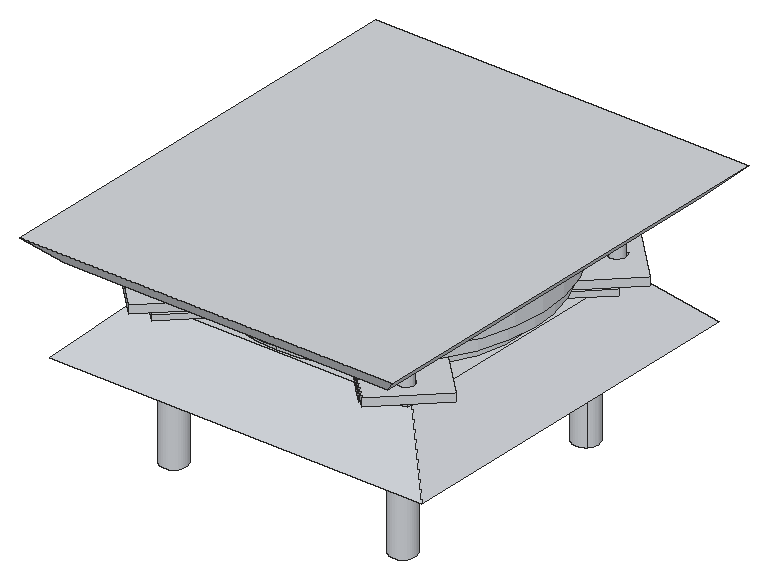
Revit family "KCK_GOI CHAU", category Generic Models, Revit 2027
Family settings
  Can host rebar = No
  Round Connector Dimension = Use Diameter
  Part Type = Normal
  Work Plane-Based = No
  Always vertical = Yes
  Cut with Voids When Loaded = No
  Maintain Annotation Orientation = No
  Shared = No
  Room Calculation Point = No
Parameters (values of type "KCK_GOI CHAU_1D-2")
  Đơn vị = "CẤU KIỆN"
  Tên nhóm cấu kiện [instance] = ""
  Tên cấu kiện [instance] = ""
  Tên công trình [instance] = ""
  Thời gian kết thúc [instance] = ""
  Thời gian bắt đầu [instance] = ""
  RebarVolumn [instance] = ""
  Nhóm cấu kiện = "GỐI CẦU"
  Mô tả [instance] = ""
  Model Material = none
  Loại cấu kiện = "GỐI CHẬU"
  Khối lượng bê tông [instance] = 0.00 m³
  Keynote = ""
  Hạng mục = "KẾT CẤU KHÁC"
  Giá trị [instance] = ""
  GOI_2 HUONG = yes
  GOI_1 HUONG = no
  GOI_H3 = 50 mm
  GOI_H1 = 50 mm
  GOI_L = 550 mm
  GOI_W = 550 mm
  R2 [instance] = 321 mm
  R1 [instance] = GOI_W / 2 - 5 mm  # 270 mm
  GOI_LO DUC BULONG_R [instance] = 18 mm
  Diện tích ván khuôn [instance] = 0.00 m²
  DKG_W_Top [instance] = 0 mm
  DKG_Mo rong day [instance] = 0 mm
  DKG_L_Top [instance] = 0 mm
  DKG_L_Tim_Mep [instance] = 0 mm
  DKG_H [instance] = 0 mm
  DELTA 3 [instance] = 100 mm
  DELTA 2 [instance] = 143 mm
  Công trình = "CẦU"
  Cao độ đá kê gối [instance] = ""
  BAN THEP 2_L [instance] = DELTA 2 * 2 + R1 * 2  # 826 mm
  BAN THEP 1_L [instance] = DELTA 1 * 2 + R1 * 2  # 740 mm
  GOI_H2 = 100 mm
  Default Elevation = 0 mm
  DELTA 1 [instance] = 100 mm
  BAN THEP_W [instance] = 150 mm
  B = 797 mm
  A100 [instance] = ""
  A = 652 mm
Types (4, lengths in mm): name | Đơn vị | Nhóm cấu kiện | Loại cấu kiện | Keynote | Hạng mục | GOI_2 HUONG | GOI_1 HUONG | GOI_H3 | GOI_H1 | GOI_L | GOI_W | R1 | Công trình | BAN THEP 2_L | BAN THEP 1_L | GOI_H2 | B | A
  KCK_GOI CHAU_2D-1 | "" | "" | "" | "" | "" | no | yes | 50 | 50 | 765 | 620 | 305 | "" | 896 | 810 | 201 | 797 | 652
  KCK_GOI CHAU_1D-1 | "" | "" | "ĐÁ KÊ GỐI" | "01000" | "" | yes | no | 35 | 25 | 450 | 450 | 220 | "" | 726 | 640 | 100 | 500 | 500
  KCK_GOI CHAU_2D-2 | "" | "" | "" | "" | "" | no | yes | 30 | 50 | 820 | 760 | 375 | "" | 1036 | 950 | 220 | 797 | 652
  KCK_GOI CHAU_1D-2 | "CẤU KIỆN" | "GỐI CẦU" | "GỐI CHẬU" | "" | "KẾT CẤU KHÁC" | yes | no | 50 | 50 | 550 | 550 | 270 | "CẦU" | 826 | 740 | 100 | 797 | 652
Reference planes
  plane 1 "Center (Front/Back)": y = 0
  plane 2: z = 0
  plane 3 "Center (Left/Right)": x = 0
  plane 4: x = -375
  plane 5: x = 375
  plane 6: y = 375
  plane 7: y = -550
  plane 8: x = -275
  plane 9: x = 275
  plane 10: y = 275
  plane 11: y = -500
  plane 12: z = 50
  plane 13: z = 150
  plane 14: z = 200
  plane 15: x = -376
  plane 16: x = 376
  plane 17: y = 448.5
  plane 18: y = -448.5
  plane 19: y = 398.5
  plane 20: y = -398.5
  plane 21: x = -326
  plane 22: x = 326
  plane 23: z = 65
  plane 24: z = 98
  plane 25: z = 113
  plane 26: y = 321
  plane 27: x = -321
  plane 28: z = 39
  plane 29: y = 305
  plane 30: y = 256
  plane 31: z = 81
  plane 32: y = 250
  plane 33: y = -250
  plane 34: through (0, 0, 1200) normal (-0.7071, 0.7071, 0)
  plane 35: through (-261.63, 261.63, 1200) normal (-0.7071, 0.7071, 0)
  plane 36: through (261.63, -261.63, 1200) normal (-0.7071, 0.7071, 0)
  plane 37: through (3.033, 93.033, 1200) normal (-0.7071, -0.7071, 0)
  plane 38: through (-113.033, -3.033, 1200) normal (-0.7071, -0.7071, 0)
  plane 39: through (-53.033, 53.033, 1200) normal (-0.7071, 0.7071, 0)
  plane 40: through (53.033, -53.033, 1200) normal (-0.7071, 0.7071, 0)
  plane 41: through (-5, -5, 1200) normal (0.7071, 0.7071, 0)
  plane 42: through (256.63, 256.63, 1200) normal (0.7071, 0.7071, 0)
  plane 43: through (-266.63, -266.63, 1200) normal (0.7071, 0.7071, 0)
  plane 44: through (0, 0, 1200) normal (0.7071, 0.7071, 0)
  plane 45: through (-310.079, -273.991, 1200) normal (0.7071, 0.7071, 0)
  plane 46: through (273.991, 310.079, 1200) normal (0.7071, 0.7071, 0)
  plane 47: through (-89.076, 185.142, 1200) normal (0.7071, 0.7071, 0)
  plane 48: through (-195.142, 79.076, 1200) normal (0.7071, 0.7071, 0)
  plane 49: through (-142.886, -36.82, 1200) normal (-0.7071, 0.7071, 0)
  plane 50: through (-36.82, -142.886, 1200) normal (-0.7071, 0.7071, 0)
  plane 51: through (0, 0, 1200) normal (-0.7071, 0.7071, 0)
  plane 52: through (0, 0, 1200) normal (-0.7071, 0.7071, 0)
  plane 53: through (-292.035, 292.035, 1200) normal (-0.7071, 0.7071, 0)
  plane 54: through (292.035, -292.035, 1200) normal (-0.7071, 0.7071, 0)
  plane 55: through (-6.967, -3.033, 1200) normal (-0.7071, -0.7071, 0)
  plane 56: through (-60, -56.066, 1200) normal (-0.7071, -0.7071, 0)
  plane 57: through (46.066, 50, 1200) normal (-0.7071, -0.7071, 0)
  plane 58: through (-231.224, 231.224, 1200) normal (-0.7071, 0.7071, 0)
  plane 59: through (231.224, -231.224, 1200) normal (-0.7071, 0.7071, 0)
  plane 60: through (226.224, 226.224, 1200) normal (-0.7071, -0.7071, 0)
  plane 61: through (-236.224, -236.224, 1200) normal (-0.7071, -0.7071, 0)
  plane 62: through (-325.05, -198.209, 1200) normal (0.7071, 0.7071, 0)
  plane 63: through (-320.165, -316.231, 1200) normal (-0.7071, 0.7071, 0)
  plane 64: through (198.209, 325.05, 1200) normal (0.7071, 0.7071, 0)
  plane 65: through (-198.209, 325.05, 1200) normal (0.7071, -0.7071, 0)
  plane 66: through (313.198, -323.198, 1200) normal (-0.7071, -0.7071, 0)
  plane 67: through (273.927, -249.332, 1200) normal (0.7071, -0.7071, 0)
  plane 68: y = -275
  plane 69: y = -375
  plane 70: z = 0
  plane 71: through (-273.701, 249.558, 1200) normal (0.7071, -0.7071, 0)
  plane 72: through (259.663, 263.597, 1200) normal (0.7071, 0.7071, 0)
  plane 73: z = 150
  plane 74: z = -50
  plane 75: z = 165
Forms (mm)
  Blend 1, solid
    base sketch origin (0, 0, 0) x (1, 0, 0) y (0, 1, 0)
      loop
        line (-375, 375) -> (-375, -375) -> (375, -375) -> (375, 375) -> (-375, 375)
    top sketch origin (0, 0, 0) x (1, 0, 0) y (0, 1, 0)
      loop
        line (-275, 275) -> (-275, -275) -> (275, -275) -> (275, 275) -> (-275, 275)
    from -50 to 50
  Blend 2, solid
    base sketch origin (-995.952, -1524, 150) x (-1, 0, 0) y (0, -1, 0)
      loop
        line (-669.952, -1922.5) -> (-669.952, -1125.5) -> (-1321.952, -1125.5) -> (-1321.952, -1922.5) -> (-669.952, -1922.5)
    top sketch origin (-995.952, -1524, 150) x (-1, 0, 0) y (0, -1, 0)
      loop
        line (-619.952, -1972.5) -> (-619.952, -1075.5) -> (-1371.952, -1075.5) -> (-1371.952, -1972.5) -> (-619.952, -1972.5)
    from 0 to 50
  Revolve 3, solid
    sketch origin (0, 0, 0) x (0, 1, 0) y (0, 0, 1)
      loop
        line (270, 50) -> (270, 65) -> (256, 65) -> (256, 98) -> (0, 98) -> (0, 50) -> (270, 50)
      axis (0, 98) -> (0, 50)
    angle from 0 to 360
  Revolve 4, solid
    sketch origin (0, 0, 0) x (0, 1, 0) y (0, 0, 1)
      loop
        line (0, 150) -> (0, 113) -> (321, 113) -> (321, 150) -> (0, 150)
      axis (0, 150) -> (0, 113)
    angle from 0 to 360
  Revolve 5, solid
    sketch origin (0, 0, 0) x (0, 1, 0) y (0, 0, 1)
      loop
        line (0, 39) -> (256, 39) -> (256, 98) -> (0, 98) -> (0, 39)
      axis (0, 39) -> (0, 98)
    angle from 0 to 360
  Revolve 6, solid
    sketch origin (0, 0, 0) x (0, 1, 0) y (0, 0, 1)
      loop
        line (305, 113) -> (0, 113) -> (0, 39) -> (256, 39) -> (256, 81) -> (305, 81) -> (305, 113)
      axis (0, 113) -> (0, 39)
    angle from 0 to 360
  Extrusion 7, solid
    sketch origin (0, 510.623, 50) x (0, 1, 0) y (-1, 0, 0)
      loop
        line (-724.22, -309.663) -> (-200.961, 213.597) -> (-307.027, 319.663) -> (-830.286, -203.597) -> (-724.22, -309.663)
    from 0 to 11.727
  Extrusion 8, solid
    sketch origin (0, 510.623, 50) x (0, 1, 0) y (-1, 0, 0)
      loop
        line (-724.22, 319.663) -> (-830.286, 213.597) -> (-307.027, -309.663) -> (-200.961, -203.597) -> (-724.22, 319.663)
    from 0 to 11.727
  Extrusion 9, solid
    sketch origin (0, 510.623, 65) x (0, 1, 0) y (-1, 0, 0)
      loop
        line (-165.555, -239.002) -> (-749.625, 345.068) -> (-855.691, 239.002) -> (-271.621, -345.068) -> (-165.555, -239.002)
    from 0 to 16
  Extrusion 10, solid
    sketch origin (0, 510.623, 65) x (0, 1, 0) y (-1, 0, 0)
      loop
        line (-754.625, -340.068) -> (-170.555, 244.002) -> (-276.621, 350.068) -> (-860.691, -234.002) -> (-754.625, -340.068)
    from 0 to 16
  Extrusion 11, void
    sketch origin (0, 510.623, 65) x (-1, 0, 0) y (0, 1, 0)
      loop
        circle (236.224, -284.399) r 18
    from 3.273 to 15
  Extrusion 12, void
    sketch origin (0, 510.623, 65) x (-1, 0, 0) y (0, 1, 0)
      loop
        circle (-226.224, -284.399) r 18
    from 3.273 to 15
  Extrusion 13, void
    sketch origin (-510.623, 0, 65) x (0, -1, 0) y (-1, 0, 0)
      loop
        circle (236.224, -274.399) r 18
    from 3.273 to 15
  Extrusion 14, void
    sketch origin (0, 510.623, 65) x (-1, 0, 0) y (0, 1, 0)
      loop
        circle (263.597, -770.286) r 18
    from -16 to 0
  Extrusion 15, void
    sketch origin (-510.623, 0, 65) x (0, -1, 0) y (-1, 0, 0)
      loop
        circle (-263.597, -770.286) r 18
    from -16 to 0
  Extrusion 16, void
    sketch origin (0, 510.623, 65) x (-1, 0, 0) y (0, 1, 0)
      loop
        circle (266.63, -253.994) r 18
    from -16 to 0
  Extrusion 17, void
    sketch origin (0, 510.623, 65) x (-1, 0, 0) y (0, 1, 0)
      loop
        circle (-256.63, -777.253) r 18
    from -16 to 0
  Extrusion 18, void
    sketch origin (-31.82, 542.443, 65) x (-1, 0, 0) y (0, 1, 0)
      loop
        circle (-258.044, -778.667) r 18
    from 3.273 to 15
Cuts and joins
  Extrusion 11, Extrusion 12, Extrusion 13, Extrusion 14, Extrusion 15, Extrusion 16, Extrusion 17, Extrusion 18 cuts Revolve 3
  Extrusion 11, Extrusion 12, Extrusion 13, Extrusion 14, Extrusion 15, Extrusion 16, Extrusion 17, Extrusion 18 cuts Revolve 4
  Extrusion 11, Extrusion 12, Extrusion 13, Extrusion 14, Extrusion 15, Extrusion 16, Extrusion 17, Extrusion 18 cuts Revolve 6
  Extrusion 11, Extrusion 12, Extrusion 13, Extrusion 14, Extrusion 15, Extrusion 16, Extrusion 17, Extrusion 18 cuts Extrusion 7
  Extrusion 11, Extrusion 12, Extrusion 13, Extrusion 14, Extrusion 15, Extrusion 16, Extrusion 17, Extrusion 18 cuts Extrusion 8
  Extrusion 11, Extrusion 12, Extrusion 13, Extrusion 14, Extrusion 15, Extrusion 16, Extrusion 17, Extrusion 18 cuts Extrusion 9
  Extrusion 11, Extrusion 12, Extrusion 13, Extrusion 14, Extrusion 15, Extrusion 16, Extrusion 17, Extrusion 18 cuts Extrusion 10
  joined: Revolve 3, Revolve 4, Revolve 6, Extrusion 7, Extrusion 8, Extrusion 9, Extrusion 10
  Extrusion 11, Extrusion 12, Extrusion 13, Extrusion 14, Extrusion 15, Extrusion 16, Extrusion 17, Extrusion 18 cuts Blend 1
Dimensions and locks
  equal spacing: plane 8, plane 3 "Center (Left/Right)", plane 9
  "GOI_W": plane 8 to plane 9
  equal spacing: plane 10, plane 1 "Center (Front/Back)", plane 68
  "GOI_L": plane 10 to plane 68
  "DELTA 3": plane 4 to plane 8
  "DELTA 3": plane 9 to plane 5
  "GOI_H1": plane 7 to plane 11
  "DELTA 3": plane 6 to plane 10
  "GOI_H1": plane 12 to level
  "GOI_H2": plane 13 to plane 12
  "GOI_H3": plane 14 to plane 13
  locked: plane 15 to plane 21 at 50
  locked: plane 22 to plane 16 at 50
  locked: plane 17 to plane 19 at 50
  locked: plane 18 to plane 20 at 50
  equal spacing: plane 19, plane 1 "Center (Front/Back)", plane 20
  "B": plane 20 to plane 19
  equal spacing: plane 21, plane 3 "Center (Left/Right)", plane 22
  "A": plane 21 to plane 22
  "R1": Revolve 3 sketch curve to Revolve 3 sketch curve
  "R2": plane 26 to plane 1 "Center (Front/Back)"
  "R2": Revolve 4 sketch curve to Revolve 4 sketch curve
  locked: plane 13 to plane 25 at 37
  Revolve 6 sketch curve to Revolve 6 sketch curve = 74 mm
  locked: plane 25 to plane 28 at 74
  locked: plane 31 to plane 25 at 32
  locked: plane 23 to plane 31 at 16
  locked: plane 24 to plane 12 at 48
  equal spacing: plane 35, plane 34, plane 36
  "BAN THEP 1_L": plane 35 to plane 36
  "BAN THEP_W": plane 38 to plane 37
  equal spacing: plane 39, plane 34, plane 40
  "BAN THEP_W": plane 39 to plane 40
  equal spacing: plane 37, plane 41, plane 38
  equal spacing: plane 42, plane 41, plane 43
  "BAN THEP 1_L": plane 42 to plane 43
  equal spacing: plane 46, plane 44, plane 45
  "BAN THEP 2_L": plane 46 to plane 45
  equal spacing: plane 49, plane 51, plane 50
  "BAN THEP_W": plane 49 to plane 50
  equal spacing: plane 56, plane 55, plane 57
  "BAN THEP_W": plane 56 to plane 57
  equal spacing: plane 53, plane 52, plane 54
  "BAN THEP 2_L": plane 54 to plane 53
  locked: plane 35 to plane 58 at 43
  locked: plane 42 to plane 60 at 43
  locked: plane 43 to plane 61 at 43
  locked: plane 62 to plane 45 at 43
  plane 64 to plane 46 = 43 mm
  locked: plane 65 to plane 53 at 43
  locked: plane 36 to plane 59 at 43
  locked: plane 54 to plane 67 at 43
  "DELTA 3": plane 68 to plane 69
  locked: plane 71 to plane 53 at 43
  locked: plane 46 to plane 72 at 43
  locked: plane 14 to plane 73 at 50
  "DELTA 3": plane 12 to plane 74
  aligned and locked: level to plane 2
  aligned and locked: Blend 1 sketch curve to plane 6
  aligned and locked: plane 4 to Blend 1 sketch curve
  aligned and locked: plane 5 to Blend 1 sketch curve
  aligned and locked: Blend 1 sketch curve to plane 10
  aligned and locked: plane 8 to Blend 1 sketch curve
  aligned and locked: plane 9 to Blend 1 sketch curve
  aligned and locked: plane 12 to Blend 1
  aligned and locked: Blend 2 sketch curve to plane 19
  aligned and locked: plane 21 to Blend 2 sketch curve
  aligned and locked: Blend 2 sketch curve to plane 20
  aligned and locked: plane 22 to Blend 2 sketch curve
  aligned and locked: Blend 2 sketch curve to plane 17
  aligned and locked: plane 15 to Blend 2 sketch curve
  aligned and locked: Blend 2 sketch curve to plane 18
  aligned and locked: plane 16 to Blend 2 sketch curve
  aligned and locked: plane 14 to Blend 2
  aligned and locked: Blend 2 to plane 13
  aligned and locked: Blend 1 to Revolve 3 sketch curve
  aligned and locked: Revolve 3 sketch curve to plane 23
  aligned and locked: Revolve 4 sketch curve to plane 13
  aligned and locked: plane 25 to Revolve 4 sketch curve
  aligned and locked: Revolve 4 sketch curve to plane 1 "Center (Front/Back)"
  aligned and locked: Revolve 5 sketch curve to plane 28
  aligned and locked: plane 29 to Revolve 6 sketch curve
  aligned and locked: plane 30 to Revolve 3 sketch curve
  aligned and locked: plane 30 to Revolve 6 sketch curve
  aligned and locked: Revolve 5 sketch curve to plane 30
  aligned and locked: Revolve 6 sketch curve to plane 25
  aligned and locked: plane 31 to Revolve 6 sketch curve
  aligned and locked: plane 24 to Revolve 5 sketch curve
  aligned and locked: Extrusion 7 sketch curve to plane 35
  aligned and locked: Extrusion 7 sketch curve to plane 36
  aligned and locked: Extrusion 7 sketch curve to plane 37
  aligned and locked: Extrusion 7 sketch curve to plane 38
  aligned and locked: Extrusion 7 to Blend 1
  aligned and locked: Extrusion 8 sketch curve to plane 39
  aligned and locked: Extrusion 8 sketch curve to plane 40
  aligned and locked: Extrusion 8 sketch curve to plane 43
  aligned and locked: Extrusion 8 sketch curve to plane 42
  aligned and locked: Extrusion 8 to Extrusion 7
  aligned and locked: Extrusion 7 to Revolve 3
  aligned and locked: Extrusion 9 sketch curve to plane 49
  aligned and locked: Extrusion 9 sketch curve to plane 50
  aligned and locked: Extrusion 9 sketch curve to plane 45
  aligned and locked: Extrusion 9 sketch curve to plane 46
  aligned and locked: Extrusion 10 sketch curve to plane 57
  aligned and locked: Extrusion 10 sketch curve to plane 56
  aligned and locked: Extrusion 10 sketch curve to plane 54
  aligned and locked: Extrusion 10 sketch curve to plane 53
  aligned and locked: Extrusion 9 to plane 23
  aligned and locked: Extrusion 9 to Revolve 6
  aligned and locked: Extrusion 10 to plane 23
  aligned and locked: Extrusion 10 to Revolve 6
  aligned and locked: Extrusion 11 to Blend 1
  aligned and locked: cut or joined group 1 (Revolve 3, Revolve 4, Revolve 6, Extrusion 7, Extrusion 8, Extrusion 9, Extrusion 10, Extrusion 11, Extrusion 12, Extrusion 13, Extrusion 14, Extrusion 15, Extrusion 16, Extrusion 17, Extrusion 18) to Extrusion 11
  aligned and locked: cut or joined group 1 to cut or joined group 1  (x2)
  aligned and locked: Extrusion 13 to Revolve 3
  aligned and locked: Extrusion 7 to Extrusion 12
  aligned and locked: Extrusion 12 to Revolve 3
  aligned and locked: Extrusion 7 to Extrusion 13  (x2)
  aligned and locked: Extrusion 11 to cut or joined group 1
  aligned and locked: Revolve 6 to Extrusion 14
  aligned and locked: Extrusion 14 to Revolve 3
  aligned and locked: Revolve 6 to Extrusion 15
  aligned and locked: Extrusion 15 to Revolve 3
  aligned and locked: Revolve 6 to Extrusion 16
  aligned and locked: Extrusion 16 to Revolve 3
  aligned and locked: Extrusion 9 to Extrusion 17  (x2)
  aligned and locked: Extrusion 7 to Extrusion 18
  aligned and locked: Extrusion 18 to Revolve 3
  aligned and locked: nested 1 to plane 62
  aligned and locked: nested 2 to plane 65
  aligned and locked: nested 3 to plane 64
  aligned and locked: nested 4 to plane 67
  aligned and locked: nested 5 to cut or joined group 1
  aligned and locked: nested 5 to plane 61
  aligned and locked: nested 6 to cut or joined group 1  (x2)
  aligned and locked: nested 6 to plane 58
  aligned and locked: plane 60 to nested 7
  aligned and locked: plane 59 to nested 8
  aligned and locked: plane 69 to Blend 1 sketch curve
  aligned and locked: plane 68 to Blend 1 sketch curve
  aligned and locked: nested 9 to plane 58
  aligned and locked: nested 10 to plane 60
  aligned and locked: nested 11 to plane 59
  aligned and locked: nested 12 to plane 61
  aligned and locked: nested 7 to cut or joined group 1  (x2)
  aligned and locked: nested 8 to cut or joined group 1  (x2)
  aligned and locked: nested 1 to cut or joined group 1
  aligned and locked: nested 4 to cut or joined group 1
  aligned and locked: nested 3 to cut or joined group 1
  aligned and locked: nested 2 to cut or joined group 1
  aligned and locked: cut or joined group 1 to nested 5
  aligned and locked: cut or joined group of Blend 1, Extrusion 11, Extrusion 12, Extrusion 13, Extrusion 14, Extrusion 15, Extrusion 16, Extrusion 17, Extrusion 18 to plane 74
  aligned and locked: level to nested 9
  aligned and locked: level to nested 10
  aligned and locked: level to nested 12
  aligned and locked: level to nested 11
  aligned and locked: nested 9 to level
  aligned and locked: nested 10 to level
  aligned and locked: nested 12 to level
  aligned and locked: nested 11 to level
  aligned and locked: plane 75 to nested 1
  aligned and locked: plane 75 to nested 4
  aligned and locked: plane 75 to nested 2
  aligned and locked: plane 75 to nested 3
Automatic sketch dimensions
  Revolve 5 sketch curve to plane 1 "Center (Front/Back)" = 0 mm  (x2)
  Revolve 5 sketch curve to plane 24 = 0 mm
  Revolve 5 sketch curve to plane 28 = 0 mm
  Revolve 6 sketch curve to plane 1 "Center (Front/Back)" = 0 mm  (x2)
  Revolve 6 sketch curve to plane 28 = 0 mm
  Revolve 6 sketch curve to plane 25 = 0 mm
  Extrusion 11 sketch curve to plane 41 = 0 mm
  Extrusion 11 sketch curve to plane 58 = 0 mm
  plane 34 to Extrusion 12 sketch curve = 0 mm
  Extrusion 12 sketch curve to plane 60 = 0 mm
  Extrusion 13 sketch curve to plane 34 = 0 mm
  plane 61 to Extrusion 13 sketch curve = 0 mm
  Extrusion 14 sketch curve to plane 62 = 0 mm
  Extrusion 14 sketch curve to plane 63 = 0 mm
  plane 63 to Extrusion 15 sketch curve = 0 mm
  plane 64 to Extrusion 15 sketch curve = 0 mm
  Extrusion 16 sketch curve to plane 41 = 0 mm
  plane 65 to Extrusion 16 sketch curve = 0 mm
  plane 41 to Extrusion 17 sketch curve = 0 mm
  plane 67 to Extrusion 17 sketch curve = 0 mm
  plane 41 to Extrusion 18 sketch curve = 0 mm
  plane 59 to Extrusion 18 sketch curve = 0 mm
  Revolve 3 sketch curve to plane 1 "Center (Front/Back)" = 0 mm  (x2)
  Revolve 3 sketch curve to plane 12 = 0 mm
  Revolve 3 sketch curve to plane 24 = 0 mm
  plane 23 to Revolve 3 sketch curve = 5 mm
  Revolve 4 sketch curve to plane 1 "Center (Front/Back)" = 0 mm
  Revolve 4 sketch curve to plane 25 = 0 mm
  Revolve 4 sketch curve to plane 13 = 0 mm
  radius of Extrusion 11 sketch curve = 18 mm
  radius of Extrusion 12 sketch curve = 18 mm
  radius of Extrusion 13 sketch curve = 18 mm
  radius of Extrusion 14 sketch curve = 18 mm
  radius of Extrusion 15 sketch curve = 18 mm
  radius of Extrusion 16 sketch curve = 18 mm
  radius of Extrusion 17 sketch curve = 18 mm
  radius of Extrusion 18 sketch curve = 18 mm
Nested families
  nested 1: "KCK_GOI CHAU_BULONG" at (-263.5, -259.759, 57.876) x (-0.7071, 0.7071, 0) z (0, 0, 1), type "KCK_GOI CHAU_BULONG"
    with TREN yes, R 14 mm, H2 100 mm, H1 150 mm, DUOI no
  nested 2: "KCK_GOI CHAU_BULONG" at (-266.723, 256.536, 57.876) x (-0.7071, 0.7071, 0) z (0, 0, 1), type "KCK_GOI CHAU_BULONG"
    with TREN yes, R 14 mm, H2 100 mm, H1 150 mm, DUOI no
  nested 3: "KCK_GOI CHAU_BULONG" at (259.396, 263.863, 57.876) x (-0.7071, 0.7071, 0) z (0, 0, 1), type "KCK_GOI CHAU_BULONG"
    with TREN yes, R 14 mm, H2 100 mm, H1 150 mm, DUOI no
  nested 4: "KCK_GOI CHAU_BULONG" at (256.583, -266.676, 57.876) x (-0.7071, 0.7071, 0) z (0, 0, 1), type "KCK_GOI CHAU_BULONG"
    with TREN yes, R 14 mm, H2 100 mm, H1 150 mm, DUOI no
  nested 5: "KCK_GOI CHAU_BULONG" at (-236.186, -236.262, 68.85) x (-0.7071, -0.7071, 0) z (0, 0, 1), type "KCK_GOI CHAU_BULONG"
    with TREN no, R 14 mm, H2 150 mm, H1 150 mm, DUOI yes
  nested 6: "KCK_GOI CHAU_BULONG" at (-236.179, 226.269, 68.85) x (0.7071, 0.7071, 0) z (0, 0, 1), type "KCK_GOI CHAU_BULONG"
    with TREN no, R 14 mm, H2 150 mm, H1 150 mm, DUOI yes
  nested 7: "KCK_GOI CHAU_BULONG" at (226.179, 226.269, 68.85) x (0.7071, 0.7071, 0) z (0, 0, 1), type "KCK_GOI CHAU_BULONG"
    with TREN no, R 14 mm, H2 150 mm, H1 150 mm, DUOI yes
  nested 8: "KCK_GOI CHAU_BULONG" at (226.179, -236.269, 68.85) x (0.7071, 0.7071, 0) z (0, 0, 1), type "KCK_GOI CHAU_BULONG"
    with TREN no, R 14 mm, H2 150 mm, H1 150 mm, DUOI yes
  nested 9: "KCK_GOI CHAU_BE TONG" at (-236.179, 226.269, -250) x (0.7071, -0.7071, 0) z (0, 0, 1), type "KCK_GOI CHAU_BE TONG"
    with R 25 mm, H 250 mm
  nested 10: "KCK_GOI CHAU_BE TONG" at (226.179, 226.269, -250) x (0.7071, -0.7071, 0) z (0, 0, 1), type "KCK_GOI CHAU_BE TONG"
    with R 25 mm, H 250 mm
  nested 11: "KCK_GOI CHAU_BE TONG" at (226.179, -236.269, -250) x (-0.7071, -0.7071, 0) z (0, 0, 1), type "KCK_GOI CHAU_BE TONG"
    with R 25 mm, H 250 mm
  nested 12: "KCK_GOI CHAU_BE TONG" at (-236.186, -236.262, -250) x (-0.7071, -0.7071, 0) z (0, 0, 1), type "KCK_GOI CHAU_BE TONG"
    with R 25 mm, H 250 mm
Definition of nested family "KCK_GOI CHAU_BULONG"
  Parameters (values of type "Family3")
    TREN [instance] = if(DUOI, 1 > 2, 1 < 2)  # no
    R [instance] = 14 mm
    H2 [instance] = 150 mm
    H1 [instance] = 150 mm
    Default Elevation = 1219.2 mm
    DUOI [instance] = yes
  Reference planes
    plane 1 "Center (Front/Back)": y = 0
    plane 2: z = 0
    plane 3 "Center (Left/Right)": x = 0
    plane 4: z = -7.124
    plane 5: z = -157.124
    plane 6: z = 7.124
    plane 7: z = 157.124
  Forms (mm)
    Extrusion 1, solid
      sketch origin (0, 0, -147.124) x (1, 0, 0) y (0, 1, 0)
        loop
          line (25, 0) -> (12.5, 21.651) -> (-12.5, 21.651) -> (-25, 0) -> (-12.5, -21.651) -> (12.5, -21.651) -> (25, 0)
      from 140 to 154.247
    Revolve 2, solid, visible <- "DUOI"
      sketch origin (0, 0, -147.124) x (0, 1, 0) y (0, 0, 1)
        loop
          line (-14, -10) -> (0, -10) -> (0, 140) -> (-14, 140) -> (-14, -10)
        axis (0, -10) -> (0, 140)
      angle from 0 to 360
    Revolve 3, solid, visible <- "TREN"
      sketch origin (0, 0, 17.124) x (0, 1, 0) y (0, 0, 1)
        loop
          line (-14, -10) -> (0, -10) -> (0, 140) -> (-14, 140) -> (-14, -10)
        axis (0, -10) -> (0, 140)
      angle from 0 to 360
  Dimensions and locks
    "H1": Revolve 2 to Extrusion 1
    "H2": plane 7 to plane 6
    "R": Revolve 3 sketch curve to Revolve 3 sketch curve
    "R": Revolve 2 sketch curve to Revolve 2 sketch curve
    aligned and locked: level to plane 2
    aligned and locked: plane 7 to Revolve 3 sketch curve
    aligned and locked: plane 6 to Revolve 3 sketch curve
    aligned and locked: plane 4 to Revolve 2 sketch curve
    aligned and locked: plane 5 to Revolve 2 sketch curve
  Automatic sketch dimensions
    plane 1 "Center (Front/Back)" to Extrusion 1 sketch curve = 0 mm  (x2)
    Extrusion 1 sketch curve to plane 3 "Center (Left/Right)" = 25 mm
    Extrusion 1 sketch curve to plane 3 "Center (Left/Right)" = 12.5 mm  (x2)
    plane 3 "Center (Left/Right)" to Extrusion 1 sketch curve = 12.5 mm  (x2)
    Extrusion 1 sketch curve to Extrusion 1 sketch curve = 12.5 mm
    plane 1 "Center (Front/Back)" to Extrusion 1 sketch curve = 21.651 mm
    Extrusion 1 sketch curve to plane 1 "Center (Front/Back)" = 21.651 mm
    Revolve 2 sketch curve to plane 1 "Center (Front/Back)" = 0 mm  (x2)
    Revolve 2 sketch curve to Revolve 2 sketch curve = 10 mm
    plane 7 to Revolve 2 sketch curve = 35.753 mm
    Revolve 3 sketch curve to plane 1 "Center (Front/Back)" = 0 mm  (x2)
    Revolve 3 sketch curve to Revolve 3 sketch curve = 10 mm
    plane 7 to Revolve 3 sketch curve = 200 mm
Definition of nested family "KCK_GOI CHAU_BE TONG"
  Parameters
    R [instance] = 25 mm
    H [instance] = 250 mm
    Default Elevation = 0 mm
  Reference planes
    plane 1 "Center (Front/Back)": y = 0
    plane 2: z = 0
    plane 3 "Center (Left/Right)": x = 0
    plane 4: z = 250
  Forms (mm)
    Extrusion 1, solid
      sketch origin (0, 0, 0) x (1, 0, 0) y (0, 1, 0)
        loop
          circle (0, 0) r 25
      from 0 to 250
  Dimensions and locks
    "H": plane 4 to level
    "R": radius of Extrusion 1 sketch curve
    aligned and locked: level to plane 2
    aligned and locked: Extrusion 1 to plane 4
    aligned and locked: Extrusion 1 to level
  Automatic sketch dimensions
    plane 1 "Center (Front/Back)" to Extrusion 1 sketch curve = 0 mm
    Extrusion 1 sketch curve to plane 3 "Center (Left/Right)" = 0 mm
